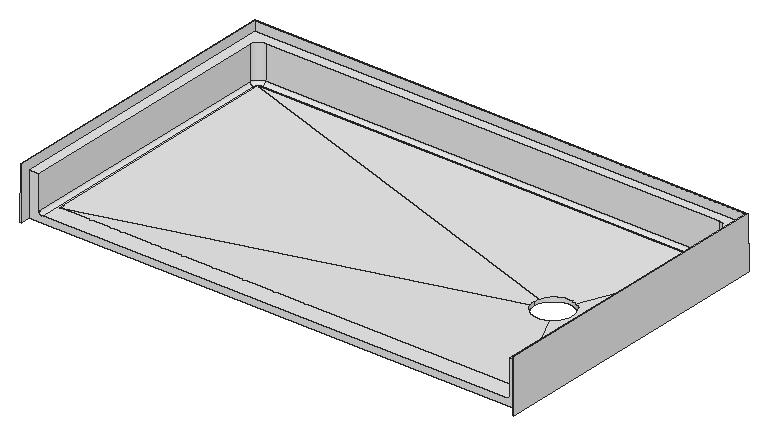
Revit family "P5430E75B,E75T,E2B,E2T", category Plumbing Fixtures, Revit 2017
Family settings
  Round Connector Dimension = Use Diameter
  Part Type = Normal
  OmniClass Number = 23.45.05.14.17
  OmniClass Title = Showers
  Work Plane-Based = No
  Always vertical = Yes
  Cut with Voids When Loaded = No
  Shared = No
  Room Calculation Point = No
Parameters (values of type "P5430E75B")
  Unit Width = 54"
  Unit Height = 5 3/4"
  Unit Depth = 31"
  URL = "http://www.bestbath.com/"
  Type Comments = "Barrier Free"
  Threshold Height = 3/4"
  Model = "P5430E75B"
  Material [instance] = Best Bath Gelcoat Fiberglass - Smooth
  Manufacturer = "Best Bath Systems, Inc."
  Keynote = "22 40 00.B3"
  Description = "4 x 8 Subway Tile, Beveled Threshold"
  Assembly Code = "D2010710"
Types (5): name | Unit Height | Threshold Height | Model | Description
  (no name) | 5 3/4" | 3/4" | "P5430E75B" | "4 x 8 Subway Tile, Beveled Threshold"
  P5430E75B | 5 3/4" | 3/4" | "P5430E75B" | "4 x 8 Subway Tile, Beveled Threshold"
  P5430E75T | 5 3/4" | 3/4" | "P5430E75T" | "4 x 8 Subway Tile, Traditionals Bull Nose Threshold"
  P5430E2T | 7" | 2" | "P5430E2T" | "4 x 8 Subway Tile, Traditionals Bull Nose Threshold"
  P5430E2B | 7" | 2" | "P5430E2B" | "4 x 8 Subway Tile, Beveled Threshold"
Reference planes (in)
  plane 1: z = 0
  plane 2: y = 5.36165
  plane 3: y = 36.36165
  plane 4: y = 35.11165
  plane 5: y = 20.36165
  plane 6: z = 0.375
  plane 7: z = 0.75
  plane 8: z = 4.75
  plane 9: y = 4.36165
  plane 10: y = 5.36165
Forms (in)
  Extrusion 1, solid, material "Best Bath Gelcoat Fiberglass - Smooth"
    sketch origin (0, 0, 0) x (1, 0, 0) y (0, 1, 0)
      loop
        line (0, 5.36165) -> (54, 5.36165) -> (54, 36.36165) -> (0, 36.36165) -> (0, 5.36165)
      loop
        circle (45.5, 20.36165) r 2.125
    from 0 to 0.75
  Blend 2, void
    base sketch origin (0, 0, 0) x (1, 0, 0) y (0, 1, 0)
      loop
        line (1.875, 7.36165) -> (52.125, 7.36165) -> (52.125, 34.48665) -> (1.875, 34.48665) -> (1.875, 7.36165)
    top sketch origin (0, 0, 0) x (1, 0, 0) y (0, 1, 0)
      loop
        circle (45.5, 20.36165) r 0.07952
    from 0.75 to 0.375
  Extrusion 3, solid, material "Best Bath Gelcoat Fiberglass - Smooth"
    sketch origin (0, 0, 0) x (1, 0, 0) y (0, 1, 0)
      loop
        line (0, 36.36165) -> (0, 5.36165) -> (1.25, 5.36165) -> (1.25, 34.11165)
        arc (1.25, 34.11165) -> (1.54289, 34.81875) -> (2.25, 35.11165) r 1
        line (2.25, 35.11165) -> (51.75, 35.11165)
        arc (51.75, 35.11165) -> (52.45711, 34.81875) -> (52.75, 34.11165) r 1
        line (52.75, 34.11165) -> (52.75, 5.36165) -> (54, 5.36165) -> (54, 35.11165) -> (54, 36.36165) -> (0, 36.36165)
    from 0 to 4.75
  Sweep 4, solid, material "Best Bath Gelcoat Fiberglass - Smooth"
    path origin (0, 0, 0) x (1, 0, 0) y (0, 1, 0)
      loop
        line (1.25, 5.36165) -> (1.25, 34.11165)
        arc (1.25, 34.11165) -> (1.54289, 34.81875) -> (2.25, 35.11165) r 1
        line (2.25, 35.11165) -> (51.75, 35.11165)
        arc (51.75, 35.11165) -> (52.45711, 34.81875) -> (52.75, 34.11165) r 1
        line (52.75, 34.11165) -> (52.75, 5.36165)
    profile origin (1.25, 19.73665, 0) x (-1, 0, 0) y (0, 0, 1)
      loop
        line (0, 0.75) -> (0, 1.125)
        arc (0, 1.125) -> (-0.10983, 0.85983) -> (-0.375, 0.75) r 0.375
        line (-0.375, 0.75) -> (0, 0.75)
  Extrusion 5, solid, material "Best Bath Gelcoat Fiberglass - Smooth"
    sketch origin (0, 0, 0) x (1, 0, 0) y (0, 1, 0)
      loop
        line (0, 4.36165) -> (0.125, 4.36165) -> (0.125, 36.23752) -> (53.875, 36.23752) -> (53.875, 4.36165) -> (54, 4.36165) -> (54, 36.36165) -> (0, 36.36165) -> (0, 4.36165)
    from 0 to 5.75
Cuts and joins
  Blend 2 cuts Extrusion 1
  joined: Extrusion 1, Extrusion 3, Sweep 4, Extrusion 5
Dimensions and locks (in)
  locked: plane 3 to plane 4 at 1.25
  plane 3 to plane 5 = 16"
  "Threshold Height": plane 7 to level
  locked: plane 7 to plane 6 at 0.375
  locked: plane 2 to plane 9 at 1
  "Unit Depth": plane 3 to plane 10
  Extrusion 5 sketch curve to cut or joined group of Extrusion 1, Blend 2, Extrusion 3, Sweep 4, Extrusion 5 = 0.12413"
  plane 8 to level = 4 3/4"
  locked: cut or joined group of Extrusion 1, Blend 2, Extrusion 3, Sweep 4, Extrusion 5 to plane 8 at 1
  cut or joined group of Extrusion 1, Blend 2, Extrusion 3, Sweep 4, Extrusion 5 to cut or joined group of Extrusion 1, Blend 2, Extrusion 3, Sweep 4, Extrusion 5 = 54"
  Blend 2 sketch curve to cut or joined group of Extrusion 1, Blend 2, Extrusion 3, Sweep 4, Extrusion 5 = 8 1/2"
  aligned and locked: level to plane 1
  aligned and locked: Extrusion 1 sketch curve to plane 2
  aligned and locked: plane 3 to Extrusion 1 sketch curve
  aligned and locked: plane 5 to Extrusion 1 sketch curve
  aligned and locked: plane 7 to Extrusion 1
  aligned and locked: plane 5 to Blend 2 sketch curve
  aligned and locked: Extrusion 1 to Blend 2
  aligned and locked: Blend 2 to plane 6
  aligned and locked: plane 8 to Extrusion 3
  aligned and locked: Sweep 4 sketch curve to plane 7
Automatic sketch dimensions
  Blend 2 sketch curve to plane 4 = 5/8"
  plane 2 to Blend 2 sketch curve = 2"
  Extrusion 3 sketch curve to plane 2 = 0"  (x2)
  Extrusion 3 sketch curve to plane 4 = 0"  (x2)
  Extrusion 3 sketch curve to plane 3 = 0"
  Extrusion 3 sketch curve to Extrusion 3 sketch curve = 1 1/4"  (x2)
  Extrusion 3 sketch curve to Extrusion 3 sketch curve = 1"
  Extrusion 3 sketch curve to plane 4 = 1"
  Sweep 4 sketch curve to plane 2 = 0"  (x2)
  Sweep 4 sketch curve to plane 4 = 0"
  Sweep 4 sketch curve to Sweep 4 sketch curve = 1"
  Sweep 4 sketch curve to plane 4 = 1"
  Sweep 4 sketch curve to profile plane = 0"
  profile plane to Sweep 4 sketch curve = 3/8"
  Extrusion 1 sketch curve to Extrusion 1 sketch curve = 8 1/2"
  Blend 2 sketch curve to Blend 2 sketch curve = 50 1/4"
  Extrusion 3 sketch curve to Extrusion 3 sketch curve = 49 1/2"
  Sweep 4 sketch curve to Sweep 4 sketch curve = 49 1/2"
  Extrusion 1 sketch curve to Extrusion 1 sketch curve = 45 1/2"
  Extrusion 5 sketch curve to plane 9 = 0"  (x2)
  Extrusion 5 sketch curve to plane 3 = 0"
  Extrusion 5 sketch curve to Extrusion 5 sketch curve = 1/8"  (x2)
  Extrusion 5 sketch curve to Extrusion 5 sketch curve = 53 3/4"
  radius of Extrusion 1 sketch curve = 2 1/8"
  radius of Blend 2 sketch curve = 0.07952"
